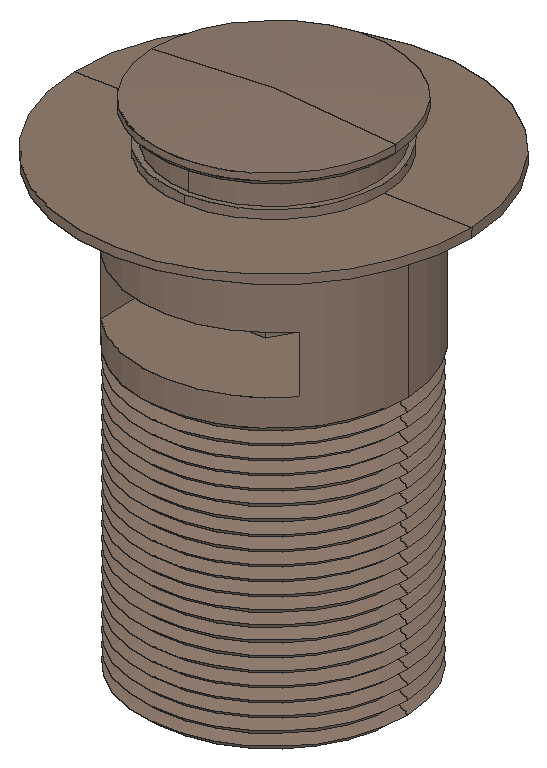
Revit family "ALMA-40mm_Bath_Waste_with_Overflow", category Plumbing Fixtures, Revit 2026
Family settings
  Round Connector Dimension = Use Diameter
  Part Type = Normal
  Work Plane-Based = No
  Enable Cutting in Views = Yes
  Always vertical = Yes
  Cut with Voids When Loaded = No
  Maintain Annotation Orientation = No
  Shared = No
  Room Calculation Point = No
Parameters (values of type "40mm Bath Waste w/ Overflow - Brushed Vintage Antique Brass")
  Material = BM_ANTIQUE BRASS
  Default Elevation = 0 mm
Reference planes
  plane 1 "Center (Front/Back)": y = 0
  plane 2: z = 0
  plane 3 "Center (Left/Right)": x = 0
  plane 4: x = -34
  plane 5: x = 34
  plane 6: y = 34
  plane 7: y = -34
Forms (mm)
  Revolve 1, solid, material "BM_ANTIQUE BRASS" <- "Material"
    sketch origin (0, 0, -3.957) x (1, 0, 0) y (0, 0, 1)
      loop
        line (0, -24.243) -> (-23.123, -24.243) -> (-21.487, -25.521) -> (-22.971, -26.68) -> (-21.487, -27.839) -> (-22.971, -28.999) -> (-21.487, -30.158) -> (-22.971, -31.317) -> (-21.487, -32.476) -> (-22.971, -33.636) -> (-21.487, -34.795) -> (-22.971, -35.954) -> (-21.487, -37.114) -> (-22.971, -38.273) -> (-21.487, -39.432) -> (-22.971, -40.591) -> (-21.487, -41.751) -> (-22.971, -42.91) -> (-21.487, -44.069) -> (-22.971, -45.229) -> (-21.487, -46.388) -> (-22.971, -47.547) -> (-21.487, -48.707) -> (-22.971, -49.866) -> (-21.487, -51.025) -> (-22.971, -52.184) -> (-21.487, -53.344) -> (-22.971, -54.503) -> (-21.487, -55.662) -> (-22.971, -56.822) -> (-21.487, -57.981) -> (-22.971, -59.14) -> (-21.487, -60.299) -> (-22.971, -61.459) -> (-21.487, -62.618) -> (-22.971, -63.777) -> (-21.487, -64.937) -> (-22.971, -66.096) -> (-21.487, -67.255) -> (-22.971, -68.414) -> (-21.487, -69.574) -> (-22.971, -70.733) -> (-21.487, -71.892) -> (-22.971, -73.052) -> (-21.487, -74.211) -> (0, -74.211) -> (0, -24.243)
      axis (0, -24.243) -> (0, -74.211)
    angle from 0 to 360
  Revolve 2, solid, material "BM_ANTIQUE BRASS" <- "Material"
    sketch origin (0, 0, 0.015) x (1, 0, 0) y (0, 0, 1)
      loop
        line (0, -28.215) -> (0, 1.485) -> (-34, 1.485) -> (-34, -0.015) -> (-27.023, -0.015)
        arc (-27.023, -0.015) -> (-24.528, -0.888) -> (-23.123, -3.127) r 4
        line (-23.123, -3.127) -> (-23.123, -28.215) -> (0, -28.215)
      axis (0, 1.485) -> (0, -28.215)
    angle from 0 to 360
  Extrusion 3, solid, material "BM_ANTIQUE BRASS" <- "Material"
    sketch origin (0, 0, 1.5) x (0, 1, 0) y (-1, 0, 0)
      loop
        circle (0, 0) r 19
    from 0 to 1.5
  Extrusion 4, solid, material "BM_ANTIQUE BRASS" <- "Material"
    sketch origin (0, 0, 3) x (0, 1, 0) y (-1, 0, 0)
      loop
        circle (0, 0) r 18
    from 0 to 4.5
  Extrusion 5, void
    sketch origin (0, 0, -0.234) x (1, 0, 0) y (0, 0, 1)
      loop
        line (-16.939, -13.259) -> (-16.939, -23.259) -> (17.061, -23.259) -> (17.061, -13.259) -> (-16.939, -13.259)
    from -23.936 to 23.343
  Revolve 6, solid, material "BM_ANTIQUE BRASS" <- "Material"
    sketch origin (0, 0, 1.5) x (1, 0, 0) y (0, 0, 1)
      loop
        line (0, 6) -> (0, 9.5)
        arc (0, 9.5) -> (-10.454, 9.087) -> (-20.871, 8.108) r 193.186
        line (-20.871, 8.108) -> (-20.871, 6.892) -> (-19.979, 6) -> (0, 6)
      axis (0, 9.5) -> (0, 6)
    angle from 0 to 360
  Extrusion 7, solid, material "BM_ANTIQUE BRASS" <- "Material"
    sketch origin (0, 0, 1.266) x (1, 0, 0) y (0, 1, 0)
      loop
        line (7, 0) -> (3.5, 6.062) -> (-3.5, 6.062) -> (-7, 0) -> (-3.5, -6.062) -> (3.5, -6.062) -> (7, 0)
      loop
        line (-2.923, 5.062) -> (-5.845, 0) -> (-2.923, -5.062) -> (2.923, -5.062) -> (5.845, 0) -> (2.923, 5.062) -> (-2.923, 5.062)
    from -24.759 to -14.759
Cuts and joins
  Extrusion 5 cuts Revolve 2
Text (mm)
  text "Refer to www.buildmat.com.au for the most current product literature. \nAllow a +/- 5mm tolerance for dimensions shown in the product literature. \nPlease note product details are subject to change due to ongoing product development." at (20.739, -303.77, 0), in view "Ref. Level"
Dimensions and locks
  equal spacing: plane 4, plane 3 "Center (Left/Right)", plane 5
  equal spacing: plane 7, plane 1 "Center (Front/Back)", plane 6
  aligned and locked: level to plane 2
Automatic sketch dimensions
  Revolve 1 sketch curve to plane 3 "Center (Left/Right)" = 0 mm  (x2)
  Revolve 1 sketch curve to plane 4 = 12.513 mm  (x3)
  Revolve 1 sketch curve to Revolve 1 sketch curve = 0 mm  (x21)
  Revolve 1 sketch curve to Revolve 1 sketch curve = 1.484 mm  (x21)
  Revolve 1 sketch curve to Revolve 1 sketch curve = 1.636 mm
  Revolve 1 sketch curve to level = 78.168 mm
  Revolve 1 sketch curve to Revolve 1 sketch curve = 1.159 mm  (x42)
  Revolve 1 sketch curve to Revolve 1 sketch curve = 1.278 mm
  Revolve 2 sketch curve to level = 0 mm
  plane 4 to Revolve 2 sketch curve = 0 mm
  Revolve 2 sketch curve to plane 3 "Center (Left/Right)" = 0 mm  (x2)
  Revolve 2 sketch curve to plane 4 = 6.977 mm
  Revolve 2 sketch curve to plane 4 = 10.877 mm
  Revolve 2 sketch curve to level = 3.112 mm
  Revolve 2 sketch curve to level = 28.2 mm
  Revolve 2 sketch curve to Revolve 2 sketch curve = 1.5 mm
  Revolve 2 sketch curve to level = 9.738 mm
  Revolve 2 sketch curve to Revolve 2 sketch curve = 0.156 mm
  Extrusion 5 sketch curve to plane 3 "Center (Left/Right)" = 16.939 mm
  plane 5 to Extrusion 5 sketch curve = 16.939 mm
  Extrusion 5 sketch curve to level = 23.493 mm
  Extrusion 5 sketch curve to Extrusion 5 sketch curve = 10 mm
  Revolve 6 sketch curve to plane 3 "Center (Left/Right)" = 0 mm  (x2)
  Revolve 6 sketch curve to plane 4 = 14.021 mm
  Revolve 6 sketch curve to Revolve 6 sketch curve = 0.892 mm  (x2)
  plane 3 "Center (Left/Right)" to Revolve 6 sketch curve = 2.399 mm
  Revolve 6 sketch curve to level = 182.171 mm
  level to Revolve 6 sketch curve = 7.5 mm
  Revolve 6 sketch curve to Revolve 6 sketch curve = 1.217 mm
  Revolve 6 sketch curve to Revolve 6 sketch curve = 0.5 mm
  Revolve 6 sketch curve to Revolve 6 sketch curve = 0 mm
  plane 1 "Center (Front/Back)" to Extrusion 7 sketch curve = 0 mm  (x4)
  Extrusion 7 sketch curve to plane 3 "Center (Left/Right)" = 7 mm
  Extrusion 7 sketch curve to Extrusion 7 sketch curve = 1.155 mm  (x2)
  Extrusion 7 sketch curve to plane 3 "Center (Left/Right)" = 3.5 mm  (x2)
  Extrusion 7 sketch curve to Extrusion 7 sketch curve = 0.577 mm  (x4)
  plane 3 "Center (Left/Right)" to Extrusion 7 sketch curve = 2.923 mm  (x2)
  Extrusion 7 sketch curve to Extrusion 7 sketch curve = 2.923 mm
  plane 1 "Center (Front/Back)" to Extrusion 7 sketch curve = 5.062 mm
  Extrusion 7 sketch curve to Extrusion 7 sketch curve = 1 mm  (x2)
  Extrusion 7 sketch curve to plane 1 "Center (Front/Back)" = 5.062 mm
  radius of Extrusion 3 sketch curve to Revolve 2 = 15 mm
  radius of Extrusion 4 sketch curve to Extrusion 3 = 1 mm
